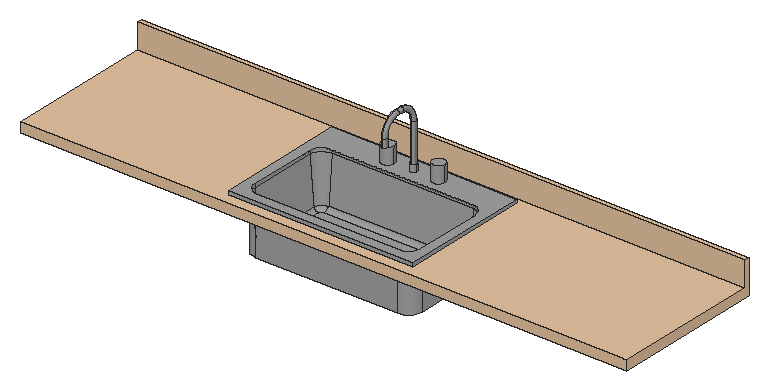
Revit family "Counter Top w Sink (NZ)", category 케이스워크, Revit 2026
Family settings
  작업 기준면 기반 = 아니오
  항상 수직 = 예
  로드될 때 보이드를 사용하여 절단 = 아니오
  공유 = 예
  룸 계산 점 = 아니오
Parameters (values of type "600mm Depth")
  기본 높이 = 0 mm
  Counter Thickness = 40 mm
  Counter Top Material = none
  깊이 = 625 mm
  Height [instance] = 900 mm
  Length [instance] = 2500 mm
  Sink Location [instance] = 1200 mm
  Sink Location To Wall [instance] = 150 mm
  Sink Opening Depth [instance] = 390 mm
  Sink Opening Width [instance] = 675 mm
  Assembly Code = ""
Reference planes
  plane 1 "Back": y = 0
  plane 2: z = 0
  plane 3 "Left": x = -1200.462
  plane 4 "Right": x = 1299.538
  plane 5 "Front": y = -625
  plane 6 "Top": z = 900
  plane 7: z = 860
  plane 8: y = -19.05
  plane 9: z = 1001.6
  plane 10: x = -0.462
  plane 11: y = -150
  plane 12: x = 337.038
  plane 13: y = -540
  plane 14: x = -337.962
  plane 15: y = -137.3
  plane 16: x = 349.738
  plane 17: y = -552.7
  plane 18: x = -350.662
  plane 19: y = -345
Forms (mm)
  Extrusion 1, solid, material <- "Counter Top Material"
    sketch origin (0, 0, 0) x (1, 0, 0) y (0, 1, 0)
      loop
        line (-1200.462, 0) -> (-1200.462, -625) -> (1299.538, -625) -> (1299.538, 0) -> (-1200.462, 0)
    from 860 to 900
  Extrusion 2, solid, material <- "Counter Top Material"
    sketch origin (0, 0, 0) x (1, 0, 0) y (0, 1, 0)
      loop
        line (1299.538, 0) -> (-1200.462, 0) -> (-1200.462, -19.05) -> (1299.538, -19.05) -> (1299.538, 0)
    from 900 to 1001.6
  Extrusion 3, void
    sketch origin (0, 0, 0) x (1, 0, 0) y (0, 1, 0)
      loop
        arc (-299.862, -137.3) -> (-335.783, -152.179) -> (-350.662, -188.1) r 50.8
        line (-350.662, -188.1) -> (-350.662, -501.9)
        arc (-350.662, -501.9) -> (-335.783, -537.821) -> (-299.862, -552.7) r 50.8
        line (-299.862, -552.7) -> (298.938, -552.7)
        arc (298.938, -552.7) -> (334.859, -537.821) -> (349.738, -501.9) r 50.8
        line (349.738, -501.9) -> (349.738, -188.1)
        arc (349.738, -188.1) -> (334.859, -152.179) -> (298.938, -137.3) r 50.8
        line (298.938, -137.3) -> (-299.862, -137.3)
    from 860 to 900
Cuts and joins
  Extrusion 3 cuts Extrusion 1
  Extrusion 3 cuts Extrusion 2
  joined: Extrusion 1, Extrusion 2
Lines and regions (mm)
  Masking region 1
    outline origin (0, 0, 0) x (1, 0, 0) y (0, 1, 0)
      loop
        line (-1200.462, -625) -> (1299.538, -625) -> (1299.538, 0) -> (-1200.462, 0) -> (-1200.462, -625)
  symbolic lines, style "Counter Top"
    curve 1: line (-1200.462, -19.05, 0) -> (1299.538, -19.05, 0)
  symbolic lines, style "Sink Opening"
    curve 2: line (-287.162, -150, 0) -> (286.238, -150, 0)
    curve 3: line (-337.962, -489.2, 0) -> (-337.962, -200.8, 0)
    curve 4: line (286.238, -540, 0) -> (-287.162, -540, 0)
    curve 5: line (337.038, -200.8, 0) -> (337.038, -489.2, 0)
    curve 6: arc (-337.962, -200.8, 0) -> (-323.083, -164.879, 0) -> (-287.162, -150, 0) r 50.8
    curve 7: arc (286.238, -150, 0) -> (322.159, -164.879, 0) -> (337.038, -200.8, 0) r 50.8
    curve 8: arc (337.038, -489.2, 0) -> (322.159, -525.121, 0) -> (286.238, -540, 0) r 50.8
    curve 9: arc (-287.162, -540, 0) -> (-323.083, -525.121, 0) -> (-337.962, -489.2, 0) r 50.8
Dimensions and locks
  "깊이": plane 5 "Front" to plane 1 "Back"
  "Length": plane 3 "Left" to plane 4 "Right"
  "Height": level to plane 6 "Top"
  "Counter Thickness": plane 7 to plane 6 "Top"
  locked: plane 8 to plane 1 "Back" at 19.05
  plane 6 "Top" to plane 9 = 101.6 mm
  "Sink Opening Width": plane 14 to plane 12
  "Sink Opening Depth": plane 13 to plane 11
  "Sink Location": plane 3 "Left" to plane 10
  equal spacing: plane 14, plane 10, plane 12
  "Sink Location To Wall": plane 11 to plane 1 "Back"
  locked: plane 11 to plane 15 at 12.7
  locked: plane 17 to plane 13 at 12.7
  locked: plane 18 to plane 14 at 12.7
  locked: plane 12 to plane 16 at 12.7
  equal spacing: plane 13, plane 19, plane 11
  aligned and locked: plane 1 "Back" to Extrusion 1 sketch curve
  aligned and locked: plane 4 "Right" to Extrusion 1 sketch curve
  aligned and locked: Extrusion 1 sketch curve to plane 5 "Front"
  aligned and locked: Extrusion 1 sketch curve to plane 3 "Left"
  aligned and locked: Extrusion 1 to plane 6 "Top"
  aligned and locked: Extrusion 1 to plane 7
  aligned and locked: Extrusion 2 sketch curve to plane 1 "Back"
  aligned and locked: plane 8 to Extrusion 2 sketch curve
  aligned and locked: Extrusion 2 sketch curve to plane 4 "Right"
  aligned and locked: plane 3 "Left" to Extrusion 2 sketch curve
  aligned and locked: Extrusion 2 to plane 9
  aligned and locked: plane 6 "Top" to Extrusion 2
  aligned and locked: Extrusion 3 to plane 6 "Top"
  aligned and locked: Extrusion 1 to Extrusion 3
  aligned and locked: plane 11 to curve 2
  aligned and locked: plane 12 to curve 5
  aligned and locked: curve 4 to plane 13
  aligned and locked: curve 3 to plane 14
  aligned and locked: plane 15 to Extrusion 3 sketch curve
  aligned and locked: plane 16 to Extrusion 3 sketch curve
  aligned and locked: Extrusion 3 sketch curve to plane 17
  aligned and locked: Extrusion 3 sketch curve to plane 18
  aligned and locked: nested 1 to plane 10
  aligned and locked: plane 6 "Top" to nested 1
  aligned and locked: plane 13 to nested 1
Automatic sketch dimensions
  curve 1 to plane 4 "Right" = 0 mm
  curve 1 to plane 8 = 0 mm
  curve 2 to plane 14 = 50.8 mm
  curve 9 to curve 4 = 50.8 mm
  plane 12 to curve 4 = 50.8 mm
  curve 7 to curve 5 = 50.8 mm
  Extrusion 3 sketch curve to plane 14 = 38.1 mm  (x2)
  plane 11 to Extrusion 3 sketch curve = 38.1 mm
  plane 12 to Extrusion 3 sketch curve = 38.1 mm
  curve 1 to plane 3 "Left" = 0 mm
  Masking region 1 sketch curve to plane 1 "Back" = 0 mm
  Masking region 1 sketch curve to plane 3 "Left" = 0 mm
  Masking region 1 sketch curve to plane 4 "Right" = 0 mm
  Masking region 1 sketch curve to plane 5 "Front" = 0 mm
Nested families
  nested 1: "Sink Kitchen-Single (NZ)" at (-16.152, -312.945, 0), type "760 x 535mm"
Definition of nested family "Sink Kitchen-Single (NZ)"
  Parameters
    Default Elevation = 0 mm
    Counter Height = 900 mm
    Depth = 535 mm
    Fixture Material = none
    Sink Material = none
    Width = 760 mm
  Reference planes
    plane 1 "Center (Front/Back)": y = 2.345
    plane 2: z = 0
    plane 3 "Center (Left/Right)": x = 15.689
    plane 4: y = 269.845
    plane 5: y = -265.155
    plane 6: x = -364.311
    plane 7: x = 395.689
    plane 8 "Top Of Counter": z = 900
    plane 9: z = 912.7
    plane 10: z = 684.1
    plane 11: y = 155.545
    plane 12: x = -326.211
    plane 13: y = -227.055
    plane 14: x = 357.589
    plane 15: x = -85.911
    plane 16: x = 117.289
    plane 17: y = 212.695
    plane 18: y = 212.695
    plane 19: y = 212.695
    plane 20: z = 1163.525
    plane 21: y = 63.47
    plane 22: z = 976.2
    plane 23: z = 938.1
  Forms (mm)
    Extrusion 1, solid, material <- "Sink Material"
      sketch origin (0, 0, 0) x (1, 0, 0) y (0, 1, 0)
        loop
          line (-364.311, 269.845) -> (-364.311, -265.155) -> (395.689, -265.155) -> (395.689, 269.845) -> (-364.311, 269.845)
        loop
          arc (-275.411, 155.545) -> (-311.332, 140.666) -> (-326.211, 104.745) r 50.8
          line (-326.211, 104.745) -> (-326.211, -176.255)
          arc (-326.211, -176.255) -> (-311.332, -212.176) -> (-275.411, -227.055) r 50.8
          line (-275.411, -227.055) -> (306.789, -227.055)
          arc (306.789, -227.055) -> (342.71, -212.176) -> (357.589, -176.255) r 50.8
          line (357.589, -176.255) -> (357.589, 104.745)
          arc (357.589, 104.745) -> (342.71, 140.666) -> (306.789, 155.545) r 50.8
          line (306.789, 155.545) -> (-275.411, 155.545)
      from 900 to 912.7
    Sweep 2, solid, material <- "Sink Material"
      path origin (0, 0, 0) x (1, 0, 0) y (0, 1, 0)
        loop
          arc (-275.411, 155.545) -> (-311.332, 140.666) -> (-326.211, 104.745) r 50.8
          line (-326.211, 104.745) -> (-326.211, -176.255)
          arc (-326.211, -176.255) -> (-311.332, -212.176) -> (-275.411, -227.055) r 50.8
          line (-275.411, -227.055) -> (306.789, -227.055)
          arc (306.789, -227.055) -> (342.71, -212.176) -> (357.589, -176.255) r 50.8
          line (357.589, -176.255) -> (357.589, 104.745)
          arc (357.589, 104.745) -> (342.71, 140.666) -> (306.789, 155.545) r 50.8
          line (306.789, 155.545) -> (-275.411, 155.545)
      profile origin (15.689, 0, 0) x (0, 1, 0) y (0, 0, 1)
        loop
          line (155.545, 900) -> (139.011, 711.015)
          arc (139.011, 711.015) -> (132.904, 698.63) -> (120.034, 693.625) r 19.05
          line (120.034, 693.625) -> (117.445, 693.625) -> (117.445, 684.1) -> (161.895, 684.1) -> (161.895, 900) -> (155.545, 900)
    Extrusion 3, solid, material <- "Sink Material"
      sketch origin (0, 0, 0) x (1, 0, 0) y (0, 1, 0)
        loop
          arc (-275.411, 117.445) -> (-284.391, 113.726) -> (-288.111, 104.745) r 12.7
          line (-288.111, 104.745) -> (-288.111, -176.255)
          arc (-288.111, -176.255) -> (-284.391, -185.235) -> (-275.411, -188.955) r 12.7
          line (-275.411, -188.955) -> (306.789, -188.955)
          arc (306.789, -188.955) -> (315.769, -185.235) -> (319.489, -176.255) r 12.7
          line (319.489, -176.255) -> (319.489, 104.745)
          arc (319.489, 104.745) -> (315.769, 113.726) -> (306.789, 117.445) r 12.7
          line (306.789, 117.445) -> (-275.411, 117.445)
        loop
          circle (15.689, 0) r 25.4
      from 684.1 to 693.625
    Extrusion 4, solid, material <- "Fixture Material"
      sketch origin (0, 0, 0) x (1, 0, 0) y (0, 1, 0)
        loop
          circle (-85.911, 209.617) r 25.4
        loop
          circle (117.289, 214.813) r 25.4
      from 912.7 to 976.2
    Sweep 5, solid, material <- "Fixture Material"
      path origin (15.689, 0, 0) x (0, 1, 0) y (0, 0, 1)
        loop
          line (212.695, 912.7) -> (212.695, 1100.025)
          arc (212.695, 1100.025) -> (194.097, 1144.926) -> (149.195, 1163.525) r 63.5
          line (149.195, 1163.525) -> (126.97, 1163.525)
          arc (126.97, 1163.525) -> (82.069, 1144.926) -> (63.47, 1100.025) r 63.5
          line (63.47, 1100.025) -> (63.47, 1065.1)
      profile origin (15.689, 0, 1006.363) x (0, -1, 0) y (1, 0, 0)
        loop
          circle (-212.695, 0) r 9.525
    Extrusion 6, solid, material <- "Fixture Material"
      sketch origin (0, 0, 0) x (1, 0, 0) y (0, 1, 0)
        loop
          circle (15.689, 212.695) r 12.7
      from 912.7 to 938.1
  Cuts and joins
    joined: Sweep 5, Extrusion 6
    joined: Sweep 2, Extrusion 3
  Lines and regions (mm)
    symbolic lines
      curve 1: line (395.689, 269.845, 0) -> (-364.311, 269.845, 0)
      curve 2: line (395.689, -265.155, 0) -> (395.689, 269.845, 0)
      curve 3: line (-364.311, -265.155, 0) -> (395.689, -265.155, 0)
      curve 4: line (-364.311, 269.845, 0) -> (-364.311, -265.155, 0)
      curve 5: arc (41.089, 0, 0) -> (15.689, 25.4, 0) -> (-9.711, 0, 0) r 25.4
      curve 6: arc (-9.711, 0, 0) -> (15.689, -25.4, 0) -> (41.089, 0, 0) r 25.4
      curve 7: line (-326.211, 104.745, 0) -> (-326.211, -176.255, 0)
      curve 8: line (-275.411, -227.055, 0) -> (306.789, -227.055, 0)
      curve 9: line (357.589, -176.255, 0) -> (357.589, 104.745, 0)
      curve 10: line (306.789, 155.545, 0) -> (28.389, 155.545, 0)
      curve 11: arc (357.589, 104.745, 0) -> (342.71, 140.666, 0) -> (306.789, 155.545, 0) r 50.8
      curve 12: arc (306.789, -227.055, 0) -> (342.71, -212.176, 0) -> (357.589, -176.255, 0) r 50.8
      curve 13: arc (-326.211, -176.255, 0) -> (-311.332, -212.176, 0) -> (-275.411, -227.055, 0) r 50.8
      curve 14: arc (-275.411, 155.545, 0) -> (-311.332, 140.666, 0) -> (-326.211, 104.745, 0) r 50.8
      curve 15: arc (-60.511, 209.617, 0) -> (-85.911, 235.017, 0) -> (-111.311, 209.617, 0) r 25.4
      curve 16: arc (142.689, 214.813, 0) -> (117.289, 240.213, 0) -> (91.889, 214.813, 0) r 25.4
      curve 17: arc (-111.311, 209.617, 0) -> (-85.911, 184.217, 0) -> (-60.511, 209.617, 0) r 25.4
      curve 18: arc (91.889, 214.813, 0) -> (117.289, 189.413, 0) -> (142.689, 214.813, 0) r 25.4
      curve 19: arc (28.389, 212.695, 0) -> (15.689, 225.395, 0) -> (2.989, 212.695, 0) r 12.7
      curve 20: line (2.989, 212.695, 0) -> (2.989, 53.145, 0)
      curve 21: line (28.389, 212.695, 0) -> (28.389, 53.145, 0)
      curve 22: arc (28.389, 53.145, 0) -> (15.689, 40.445, 0) -> (2.989, 53.145, 0) r 12.7
      curve 23: line (2.989, 155.545, 0) -> (-275.411, 155.545, 0)
  Dimensions and locks
    equal spacing: plane 6, plane 3 "Center (Left/Right)", plane 7
    "Width": plane 6 to plane 7
    equal spacing: plane 5, plane 1 "Center (Front/Back)", plane 4
    "Depth": plane 5 to plane 4
    "Counter Height": plane 8 "Top Of Counter" to plane 2
    locked: plane 9 to plane 8 "Top Of Counter" at 12.7
    locked: plane 8 "Top Of Counter" to plane 10 at 215.9
    locked: plane 6 to plane 12 at 38.1
    locked: plane 14 to plane 7 at 38.1
    locked: plane 11 to plane 4 at 114.3
    locked: plane 5 to plane 13 at 38.1
    equal spacing: plane 11, plane 17, plane 4
    equal spacing: plane 11, plane 18, plane 4
    equal spacing: plane 4, plane 19, plane 11
    locked: plane 19 to plane 21 at 149.225
    locked: plane 20 to plane 9 at 250.825
    locked: plane 22 to plane 9 at 63.5
    locked: plane 23 to plane 9 at 25.4
    aligned and locked: Extrusion 1 sketch curve to plane 5
    aligned and locked: plane 7 to Extrusion 1 sketch curve
    aligned and locked: plane 4 to Extrusion 1 sketch curve
    aligned and locked: Extrusion 1 sketch curve to plane 6
    aligned and locked: plane 8 "Top Of Counter" to Extrusion 1
    aligned and locked: Extrusion 1 to plane 9
    aligned and locked: plane 11 to Extrusion 1 sketch curve
    aligned and locked: plane 14 to Extrusion 1 sketch curve
    aligned and locked: Extrusion 1 sketch curve to plane 12
    aligned and locked: Extrusion 1 sketch curve to plane 13
    aligned and locked: plane 11 to Sweep 2 sketch curve
    aligned and locked: plane 14 to Sweep 2 sketch curve
    aligned and locked: Sweep 2 sketch curve to plane 12
    aligned and locked: Sweep 2 sketch curve to plane 13
    aligned and locked: Sweep 2 to Extrusion 3 sketch curve  (x4)
    aligned and locked: Sweep 2 to Extrusion 3
    aligned and locked: plane 10 to Extrusion 3
    aligned and locked: Sweep 2 sketch curve to plane 10
    aligned and locked: plane 8 "Top Of Counter" to Sweep 2 sketch curve
    aligned and locked: Extrusion 4 to Extrusion 1
    aligned and locked: Extrusion 6 to Extrusion 1
    aligned and locked: Sweep 5 sketch curve to plane 19
    aligned and locked: plane 20 to Sweep 5 sketch curve
    aligned and locked: plane 21 to Sweep 5 sketch curve
    aligned and locked: Extrusion 4 to plane 22
    aligned and locked: Extrusion 6 to plane 23
  Automatic sketch dimensions
    Sweep 2 sketch curve to plane 12 = 50.8 mm
    Sweep 2 sketch curve to Sweep 2 sketch curve = 50.8 mm
    plane 11 to Sweep 2 sketch curve = 50.8 mm
    plane 14 to Sweep 2 sketch curve = 50.8 mm
    Extrusion 1 sketch curve to plane 12 = 50.8 mm  (x2)
    plane 14 to Extrusion 1 sketch curve = 50.8 mm  (x2)
    Extrusion 3 sketch curve to plane 3 "Center (Left/Right)" = 0 mm
    Extrusion 3 sketch curve to Extrusion 3 sketch curve = 12.7 mm  (x4)
    plane 1 "Center (Front/Back)" to Extrusion 3 sketch curve = 2.345 mm
    Extrusion 3 sketch curve to plane 3 "Center (Left/Right)" = 25.4 mm
    Sweep 2 sketch curve to profile plane = 0 mm
    profile plane to Sweep 2 sketch curve = 16.534 mm
    Sweep 2 sketch curve to Sweep 2 sketch curve = 18.978 mm
    Sweep 2 sketch curve to Sweep 2 sketch curve = 2.588 mm
    Sweep 2 sketch curve to profile plane = 6.35 mm
    Sweep 2 sketch curve to Sweep 2 sketch curve = 9.525 mm
    Sweep 2 sketch curve to Sweep 2 sketch curve = 17.39 mm
    Extrusion 4 sketch curve to plane 15 = 0 mm
    Extrusion 4 sketch curve to plane 16 = 0 mm
    plane 17 to Extrusion 4 sketch curve = 3.079 mm
    plane 15 to Extrusion 4 sketch curve = 25.4 mm
    Extrusion 4 sketch curve to plane 17 = 2.118 mm
    plane 16 to Extrusion 4 sketch curve = 25.4 mm
    Sweep 5 sketch curve to plane 3 "Center (Left/Right)" = 0 mm
    Sweep 5 sketch curve to profile plane = 0 mm
    profile plane to Sweep 5 sketch curve = 9.525 mm
    Extrusion 6 sketch curve to plane 18 = 0 mm
    Extrusion 6 sketch curve to plane 3 "Center (Left/Right)" = 0 mm
    Extrusion 6 sketch curve to plane 3 "Center (Left/Right)" = 12.7 mm
    Sweep 5 sketch curve to plane 9 = 0 mm
    Sweep 5 sketch curve to Sweep 5 sketch curve = 63.5 mm
    plane 11 to Sweep 5 sketch curve = 6.35 mm
    Sweep 5 sketch curve to Sweep 5 sketch curve = 34.925 mm
    curve 1 to plane 4 = 0 mm
    curve 1 to plane 6 = 0 mm
    curve 7 to plane 12 = 0 mm
    curve 14 to plane 11 = 0 mm
    curve 8 to plane 13 = 0 mm
    curve 5 to plane 3 "Center (Left/Right)" = 0 mm
    curve 19 to plane 3 "Center (Left/Right)" = 0 mm
    curve 12 to plane 14 = 0 mm
    curve 1 to plane 7 = 0 mm
    curve 3 to plane 5 = 0 mm
    curve 7 to curve 13 = 50.8 mm
    curve 14 to plane 12 = 50.8 mm
    curve 15 to plane 3 "Center (Left/Right)" = 127 mm
    curve 15 to curve 17 = 25.4 mm
    plane 1 "Center (Front/Back)" to curve 5 = 2.345 mm
    curve 5 to plane 3 "Center (Left/Right)" = 25.4 mm
    curve 19 to curve 19 = 12.7 mm
    curve 19 to curve 18 = 63.5 mm
    curve 16 to curve 16 = 25.4 mm
    plane 14 to curve 12 = 50.8 mm
    plane 14 to curve 10 = 50.8 mm
    curve 22 to plane 1 "Center (Front/Back)" = 50.8 mm
    plane 4 to curve 17 = 60.229 mm
    plane 4 to curve 21 = 57.15 mm
    plane 4 to curve 16 = 55.032 mm
    curve 10 to plane 11 = 0 mm
